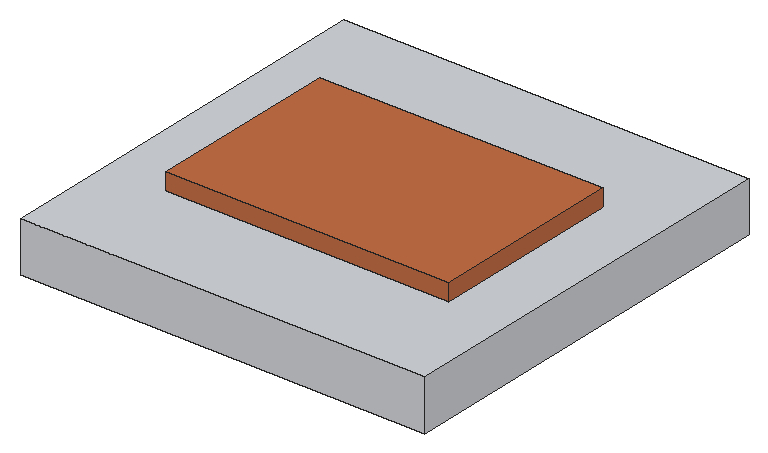
Revit family "SBP_Demande_Reservation_Courbe", category Modèles génériques, Revit 2024
Family settings
  Hôte = Face
  Peut héberger une armature = Non
  Cote de connecteur circulaire = Utiliser le diamètre
  Type d'élément = Normal
  Couper avec des vides une fois chargée = Non
  Conserver l'orientation des annotations = Non
  Partagée = Non
  Repère de localisation dans la pièce = Non
Parameters
  Profondeur_Resa [instance] = 1163.732 mm
  Largeur_Resa [instance] = 1705.335 mm
  Hauteur_Resa [instance] = 543.194 mm
  Default Elevation = 1219.2 mm
Reference planes
  plane 1 "Center (Front/Back)": y = 0
  plane 2: z = 0
  plane 3 "Center (Left/Right)": x = 0
  plane 4: z = -543.194
Forms (mm)
  Extrusion 1, solid
    sketch origin (0, 0, 0) x (1, 0, 0) y (0, 1, 0)
      loop
        line (-1219.2, 1219.2) -> (-1219.2, -1219.2) -> (1219.2, -1219.2) -> (1219.2, 1219.2) -> (-1219.2, 1219.2)
    from 0 to -304.8
  Extrusion 2, solid, material "SBP_Demande_Resa_Courbe"
    sketch origin (0, 0, 0) x (1, 0, 0) y (0, 1, 0)
      loop
        line (-852.668, 581.866) -> (-852.668, -581.866) -> (852.668, -581.866) -> (852.668, 581.866) -> (-852.668, 581.866)
    from -543.194 to 100
Dimensions and locks
  equal spacing: Extrusion 2 sketch curve, plane 1 "Center (Front/Back)", Extrusion 2 sketch curve
  equal spacing: Extrusion 2 sketch curve, plane 3 "Center (Left/Right)", Extrusion 2 sketch curve
  "Profondeur_Resa": Extrusion 2 sketch curve to Extrusion 2 sketch curve
  "Largeur_Resa": Extrusion 2 sketch curve to Extrusion 2 sketch curve
  "Hauteur_Resa": level to plane 4
  aligned and locked: plane 2 to Extrusion 1
  aligned and locked: level to Extrusion 1
  aligned and locked: Extrusion 2 to plane 4
Automatic sketch dimensions
  Extrusion 1 sketch curve to Extrusion 1 sketch curve = 2438.4 mm  (x2)
